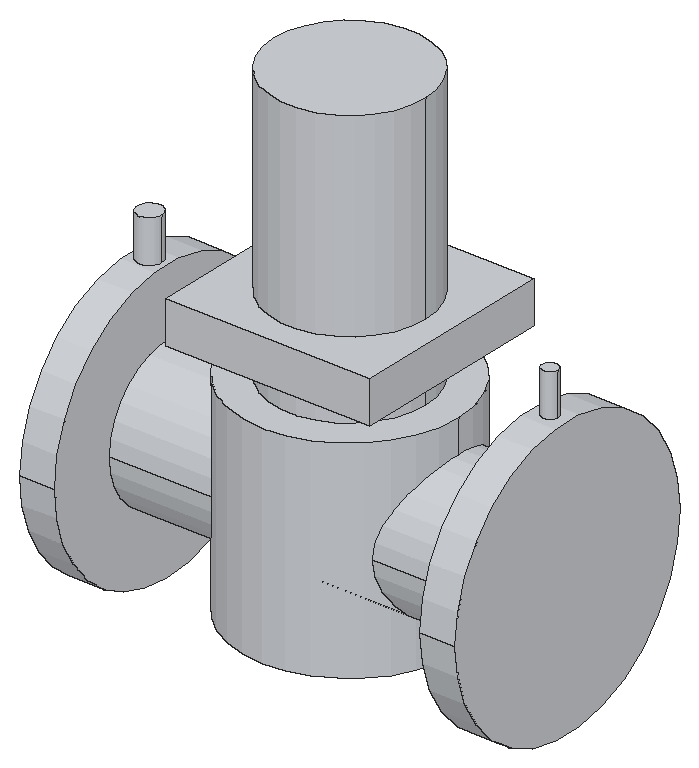
Revit family "PV_Compact_PN25_DN080_(50-200kPa)_RFA_2018", category Pipe Accessories, Revit 2018
Family settings
  Round Connector Dimension = Use Diameter
  Part Type = Valve - Breaks Into
  Work Plane-Based = No
  Always vertical = Yes
  Cut with Voids When Loaded = No
  Shared = No
Parameters (values of type "PV Compact PN25 DN080 (50-200kPa)")
  magiProductId = "aa373f4712fe4f789034ae13a1f456"
  magiProductFamilyId = "1af2f5f7761a4c5f850eea414834fa"
  magiPartTypeId = 304
  isMeasuringValve [instance] = no
  ang2D [instance] = 0.00°
  W2D = 50 mm
  VersionID = "2.0/2018.12.13.2/FRESE_PV_COMPACT_BIG_Q13_001"
  Use Minimum Symbol Size [instance] = no
  URL = "www.hydronic.cz"
  Type Comments = "PŘÍRUBOVÝ; PN25; dpmax=1000kPa; -10~+120°C"
  R4 = 54.25 mm
  R3 = 52 mm
  R1 = 77.5 mm
  QmdConnectorList = "301;D;302;D"
  Productdata [instance] = ""
  Manufacturer = "Hydronic Systems Prague s.r.o."
  Maintenance Zone Under Depth [instance] = 100 mm
  Maintenance Zone Right Depth [instance] = 100 mm
  Maintenance Zone Over Depth [instance] = 100 mm
  Maintenance Zone Left Depth [instance] = 100 mm
  Maintenance Zone Front Depth [instance] = 100 mm
  Maintenance Zone Back Depth [instance] = 100 mm
  Maintenance Zone Front Visibility [instance] = no
  MC Use Limits From Balancing Method = no
  MC Throttling Minimum Value = 0
  MC Throttling Maximum Value = 0
  MC Product Code = "53-3327 DN080 PN25; nastavitelný rozsah dp=20~100kPa; Q=11,7~47,4 m3/h;  kvs=67"
  MC Pressure Drop Minimum Value = 0.0 Pa
  MC Pressure Drop Maximum Value = 0.0 Pa
  MC Piping Given Pressure Drop [instance] = 0.0 Pa
  LF__ve = -LF  # -24.8 mm
  LF2 = 12.4 mm
  LF = 24.8 mm
  L4 = 145.7 mm
  L3 = 260.4 mm
  L2D_Min = 30.48 mm
  L2D = 230 mm
  L2 = 155 mm
  H6 = 141 mm
  H4 = 30 mm
  H3 = 25 mm
  H2 = 75 mm
  H1 = 150 mm
  Description = "Nastavitelný regulátor tlakové diference"
  DF2 = 100 mm
  D = 80 mm
  Clearance Zone Height Depth [instance] = 100 mm
  Clearance Zone Circular Radius [instance] = 155 mm
  Clearance Zone Visibility [instance] = no
  CAT0 = yes
Types (4, lengths in mm): name | magiProductId | R4 | R3 | R1 | MC Product Code | LF__ve | LF2 | LF | L4 | L3 | L2 | H6 | H4 | H3 | H2 | H1 | DF2 | D | Clearance Zone Circular Radius
  PV Compact PN25 DN050 (50-200kPa) | "08a421d9482846e584fc1251b4b528" | 40.25 | 42.9 | 57.5 | "53-3321 DN050 PN25; nastavitelný rozsah dp=20~100kPa; Q=5,1~20,5 m3/h;  kvs=29" | -18.4 | 9.2 | 18.4 | 108.1 | 193.2 | 115 | 82.25 | 24.75 | 20.625 | 61.875 | 123.75 | 82.5 | 50 | 115
  PV Compact PN25 DN065 (50-200kPa) | "3326a2f4bd724a059fd12b24a48407" | 50.75 | 48.1 | 72.5 | "53-3324 DN065 PN25; nastavitelný rozsah dp=20~100kPa; Q=7,4~29,7 m3/h;  kvs=42" | -23.2 | 11.6 | 23.2 | 136.3 | 243.6 | 145 | 105.25 | 27.75 | 23.125 | 69.375 | 138.75 | 92.5 | 65 | 145
  PV Compact PN25 DN080 (50-200kPa) | "aa373f4712fe4f789034ae13a1f456" | 54.25 | 52 | 77.5 | "53-3327 DN080 PN25; nastavitelný rozsah dp=20~100kPa; Q=11,7~47,4 m3/h;  kvs=67" | -24.8 | 12.4 | 24.8 | 145.7 | 260.4 | 155 | 141 | 30 | 25 | 75 | 150 | 100 | 80 | 155
  PV Compact PN25 DN100 (50-200kPa) | "7d735ad2cc7a4544b6e207f0b5dfca" | 61.25 | 61.1 | 87.5 | "53-3330 DN100 PN25; nastavitelný rozsah dp=20~100kPa; Q=20,3~81,3 m3/h;  kvs=115" | -28 | 14 | 28 | 164.5 | 294 | 175 | 234.75 | 35.25 | 29.375 | 88.125 | 176.25 | 117.5 | 100 | 175
Reference planes
  plane 1 "Center (Front/Back)": y = 0
  plane 2 "XYPLANE": z = 0
  plane 3 "Center (Left/Right)": x = 0
  plane 4 "257": y = -100
  plane 5 "256": y = 100
  plane 6 "255": z = -100
  plane 7 "254": y = -200
  plane 8 "253": y = 200
  plane 9 "252": x = -255
  plane 10 "251": x = 255
  plane 11 "250": z = 371
  plane 12 "249": z = -200
  plane 13 "248": z = 371
  plane 14 "247": z = 271
  plane 15 "157": x = 142.6
  plane 16 "156": x = -142.6
  plane 17 "155": z = 100
  plane 18 "154": z = 130
  plane 19 "153": z = 100
  plane 20 "152": z = 75
  plane 21 "151": x = -130.2
  plane 22 "150": z = -75
  plane 23 "149": x = 0
  plane 24 "148": y = 0
  plane 25 "147": z = 0
  plane 26 "146": x = -155
  plane 27 "145": x = 155
Forms (mm)
  Blend 1, solid, visible <- "Maintenance Zone Front Visibility"
    base sketch origin (-750, 0, -200) x (1, 0, 0) y (0, 1, 0)
      loop
        line (495, 200) -> (495, -200) -> (1005, -200) -> (1005, 200) -> (495, 200)
    top sketch origin (-750, 0, -200) x (1, 0, 0) y (0, 1, 0)
      loop
        line (495, 200) -> (495, -200) -> (1005, -200) -> (1005, 200) -> (495, 200)
    from 0 to 571
  Blend 2, solid, visible <- "Clearance Zone Visibility"
    base sketch origin (-750, 0, 0) x (1, 0, 0) y (0, 1, 0)
      loop
        circle (750, 0) r 155
    top sketch origin (-750, 0, 0) x (1, 0, 0) y (0, 1, 0)
      loop
        circle (750, 0) r 155
    from 0 to 371
  Extrusion 3, solid, visible <- "CAT0"
    sketch origin (-750, 0, 100) x (1, 0, 0) y (0, 1, 0)
      loop
        circle (892.6, 0) r 5.5
    from 0 to 30
  Extrusion 4, solid, visible <- "CAT0"
    sketch origin (-750, 0, 100) x (1, 0, 0) y (0, 1, 0)
      loop
        circle (607.4, 0) r 8.7
    from 0 to 30
  Extrusion 5, solid
    sketch origin (-750, 0, 130) x (1, 0, 0) y (0, 1, 0)
      loop
        circle (750, 0) r 54.25
    from 0 to 141 <- "H6"
  Extrusion 6, solid, visible <- "CAT0"
    sketch origin (-750, 0, 100) x (1, 0, 0) y (0, 1, 0)
      loop
        line (822.85, 72.85) -> (677.15, 72.85) -> (677.15, -72.85) -> (822.85, -72.85) -> (822.85, 72.85)
    from 0 to 30 <- "H4"
  Extrusion 7, solid, visible <- "CAT0"
    sketch origin (-750, 0, 75) x (1, 0, 0) y (0, 1, 0)
      loop
        circle (750, 0) r 54.25
    from 0 to 25 <- "H3"
  Extrusion 8, solid, visible <- "CAT0"
    sketch origin (-130.2, -750, 0) x (0, 1, 0) y (0, 0, 1)
      loop
        circle (750, 0) r 52
    from 0 to 260.4 <- "L3"
  Extrusion 9, solid, visible <- "CAT0"
    sketch origin (-750, 0, -75) x (1, 0, 0) y (0, 1, 0)
      loop
        circle (750, 0) r 77.5
    from 0 to 150 <- "H1"
  Extrusion 10, solid, visible <- "CAT0"
    sketch origin (-155, -750, 0) x (0, 1, 0) y (0, 0, 1)
      loop
        circle (750, 0) r 100
    from 0 to 24.8 <- "LF"
  Extrusion 11, solid, visible <- "CAT0"
    sketch origin (155, -750, 0) x (0, 1, 0) y (0, 0, 1)
      loop
        circle (750, 0) r 100
    from 0 to -24.8 <- "LF__ve"
  Extrusion 12, solid, not visible
    sketch origin (-155, -750, 0) x (0, 1, 0) y (0, 0, 1)
      loop
        circle (750, 0) r 10
    from 0 to 10
  Extrusion 13, solid, not visible
    sketch origin (155, -750, 0) x (0, 1, 0) y (0, 0, 1)
      loop
        circle (750, 0) r 10
    from 0 to -10
Lines and regions (mm)
  reference lines, not visible
    curve 1: circle (2, 2, 0) r 1 normal (0, 0, 1)
  reference lines
    curve 2: circle (0, 0, 100) r 1 normal (0, 0, 1)
Dimensions and locks
  plane 1 "Center (Front/Back)" to curve 1 = 2 mm
  "DF2": plane 24 "148" to plane 4 "257"
  "DF2": plane 24 "148" to plane 5 "256"
  "DF2": plane 25 "147" to plane 6 "255"
  "Maintenance Zone Front Depth": plane 4 "257" to plane 7 "254"
  "Maintenance Zone Back Depth": plane 5 "256" to plane 8 "253"
  "Maintenance Zone Left Depth": plane 26 "146" to plane 9 "252"
  "Maintenance Zone Right Depth": plane 27 "145" to plane 10 "251"
  "Maintenance Zone Over Depth": plane 14 "247" to plane 11 "250"
  "Maintenance Zone Under Depth": plane 6 "255" to plane 12 "249"
  "Clearance Zone Height Depth": plane 14 "247" to plane 13 "248"
  "H6": plane 18 "154" to plane 14 "247"
  "LF2": plane 27 "145" to plane 15 "157"
  "LF2": plane 26 "146" to plane 16 "156"
  "DF2": plane 2 "XYPLANE" to plane 17 "155"
  "H4": plane 19 "153" to plane 18 "154"
  "H3": plane 20 "152" to plane 19 "153"
  "H1": plane 22 "150" to plane 20 "152"
  "LF": plane 26 "146" to plane 21 "151"
  "H2": plane 2 "XYPLANE" to plane 22 "150"
  locked: plane 3 "Center (Left/Right)" to plane 23 "149"
  locked: plane 1 "Center (Front/Back)" to plane 24 "148"
  locked: plane 2 "XYPLANE" to plane 25 "147"
  "L2": plane 3 "Center (Left/Right)" to plane 26 "146"
  "L2": plane 3 "Center (Left/Right)" to plane 27 "145"
  Blend 1 sketch curve to Blend 1 sketch curve = 0 mm  (x16)
  equal spacing: Extrusion 6 sketch curve, curve 2, Extrusion 6 sketch curve  (x2)
  "L4": Extrusion 6 sketch curve to Extrusion 6 sketch curve  (x2)
  Extrusion 6 sketch curve to Extrusion 6 sketch curve = 0 mm  (x8)
  "Clearance Zone Circular Radius": radius of Blend 2 sketch curve  (x2)
  "R4": radius of Extrusion 5 sketch curve
  "R4": radius of Extrusion 7 sketch curve
  "R3": radius of Extrusion 8 sketch curve
  "R1": radius of Extrusion 9 sketch curve
  "DF2": radius of Extrusion 10 sketch curve
  "DF2": radius of Extrusion 11 sketch curve
  aligned and locked: level to plane 2 "XYPLANE"
  aligned and locked: Blend 1 sketch curve to plane 8 "253"  (x2)
  aligned and locked: plane 9 "252" to Blend 1 sketch curve  (x4)
  aligned and locked: plane 10 "251" to Blend 1 sketch curve  (x4)
  aligned and locked: plane 8 "253" to Blend 1 sketch curve  (x2)
  aligned and locked: plane 7 "254" to Blend 1 sketch curve  (x4)
  aligned and locked: plane 11 "250" to Blend 1
  aligned and locked: plane 23 "149" to Blend 2 sketch curve  (x2)
  aligned and locked: plane 24 "148" to Blend 2 sketch curve  (x2)
  aligned and locked: plane 13 "248" to Blend 2
  aligned and locked: plane 15 "157" to Extrusion 3 sketch curve
  aligned and locked: plane 24 "148" to Extrusion 3 sketch curve
  aligned and locked: plane 16 "156" to Extrusion 4 sketch curve
  aligned and locked: plane 24 "148" to Extrusion 4 sketch curve
  aligned and locked: plane 23 "149" to Extrusion 5 sketch curve
  aligned and locked: plane 24 "148" to Extrusion 5 sketch curve
  aligned and locked: plane 23 "149" to curve 2
  aligned and locked: plane 24 "148" to curve 2
  aligned and locked: plane 23 "149" to Extrusion 7 sketch curve
  aligned and locked: plane 24 "148" to Extrusion 7 sketch curve
  aligned and locked: Extrusion 8 sketch curve to plane 24 "148"
  aligned and locked: plane 25 "147" to Extrusion 8 sketch curve
  aligned and locked: plane 23 "149" to Extrusion 9 sketch curve
  aligned and locked: plane 24 "148" to Extrusion 9 sketch curve
  aligned and locked: Extrusion 10 sketch curve to plane 24 "148"
  aligned and locked: plane 25 "147" to Extrusion 10 sketch curve
  aligned and locked: Extrusion 11 sketch curve to plane 24 "148"
  aligned and locked: plane 25 "147" to Extrusion 11 sketch curve
  aligned and locked: Extrusion 12 sketch curve to plane 24 "148"
  aligned and locked: plane 25 "147" to Extrusion 12 sketch curve
  aligned and locked: Extrusion 13 sketch curve to plane 24 "148"
  aligned and locked: plane 25 "147" to Extrusion 13 sketch curve
Automatic sketch dimensions
  Extrusion 3 sketch curve to plane 15 "157" = 5.5 mm
  plane 26 "146" to Extrusion 4 sketch curve = 3.7 mm
  plane 1 "Center (Front/Back)" to Extrusion 12 sketch curve = 10 mm
  plane 1 "Center (Front/Back)" to Extrusion 13 sketch curve = 10 mm
  plane 3 "Center (Left/Right)" to curve 1 = 2 mm
  Extrusion 6 sketch curve to plane 5 "256" = 27.15 mm
  plane 21 "151" to Extrusion 6 sketch curve = 57.35 mm
  radius of curve 2 = 1 mm
  radius of curve 1 = 1 mm
Connectors
  piping at (-155, 0, 0), diameter 80, driven by "D"
    settings: on Extrusion 12, index 1, connector inside diameter 609.6 mm, connector length 0 mm, flow factor 0, pipe flow 0.0 L/s, pressure drop 0.0 Pa, fitting loss kfactor 0, connector angle 0.00°, fixture units 0, engagement length 0 mm, angle of deflection 0.00°, flow configuration 0, flow direction 0, fitting loss method 0, system type 29, joint type 0, gender type 0, connector reference index 2, connector utility 0, adjustable connector no, is connector primary yes, connector description ""
  piping at (155, 0, 0), diameter 80, driven by "D"
    settings: on Extrusion 13, index 2, connector inside diameter 609.6 mm, connector length 0 mm, flow factor 0, pipe flow 0.0 L/s, pressure drop 0.0 Pa, fitting loss kfactor 0, connector angle 0.00°, fixture units 0, engagement length 0 mm, angle of deflection 0.00°, flow configuration 0, flow direction 0, fitting loss method 0, system type 29, joint type 0, gender type 0, connector reference index 1, connector utility 0, adjustable connector no, is connector primary no, connector description ""
